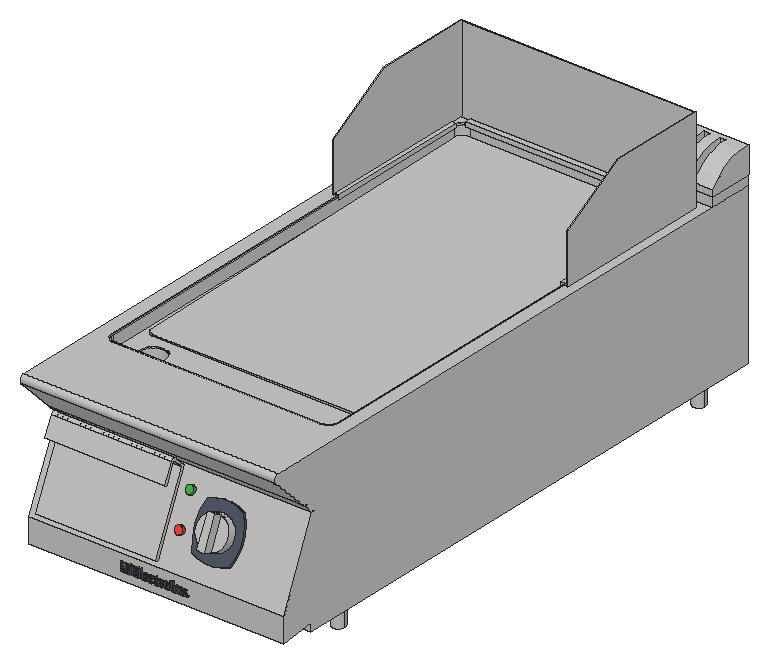
Revit family "QF_ELECTROLUXPROFESSIONAL_391072_E9FTEDCS00", category Specialty Equipment, Revit 2018
Family settings
  Round Connector Dimension = Use Diameter
  Part Type = Normal
  Work Plane-Based = No
  Always vertical = Yes
  Cut with Voids When Loaded = No
  Shared = No
  Room Calculation Point = No
Parameters
  Width = 400 mm  # constant formula
  Weight in Pounds = 55  # constant formula
  Watts = 0 W
  Volts = 400 V  # constant formula
  URL Cutsheet = "www.electrolux.com"
  URL = "www.electrolux.com"
  Type Mark [instance] = ""
  Status [instance] = ""
  Specification by User [instance] = ""
  Specification by Manufacturer = ""
  Show Logo [instance] = yes
  Show Clearance [instance] = yes
  Serial Number = ""
  Seismic Rating = ""
  SMACNA No = ""
  Revision Code [instance] = ""
  Phase = 3
  Omniclass Number and Title = ""
  Number of Poles [instance] = 1
  NAFEM Spec ID Number = ""
  Model = "391072"
  Min Ckt Ampacity = 0 A
  Max Overcurrent Protection = 0 A
  Masterspec = ""
  Manufacturer = "ELECTROLUX"
  Item Number [instance] = ""
  Installed By [instance] = ""
  Identify Quantity as Lot [instance] = yes
  HP = "10.1 HP"
  Furnished By [instance] = ""
  Foodservice Equipment Identifier [instance] = yes
  FL Amps = if(Phase = 3, Watts / (Volts * 1.73), Watts / Volts)  # 0 A
  Electrical Remarks [instance] = "400 V/3N ph/50/60 Hz"  # constant formula
  Electric Connection Type [instance] = ""
  Elec Conn RI Height [instance] = 0 mm
  Elec Conn Connection Height [instance] = 0 mm
  Direct Waste Size = 0"
  Description = "900XP HALF MODULE ELECTRIC FRY TOP, SMOOTH SLOPED PLATE, CHROMIUM PLATED - 400V"
  Depth = 930 mm  # constant formula
  Cycle [instance] = if([60 Hertz Option], 60 Hz, 50 Hz)  # 60 Hz
  Conn Plug = ""
  Conn Conduit = yes
  CSI MasterFormat = ""
  CSI Master Format = ""
  Apparent Power = if(Phase = 3, Volts * FL Amps * 1.73, Volts * FL Amps)  # 0 VA
  60 Hertz Option [instance] = not([50 Hertz Option])  # yes
  50 Hertz Option [instance] = no
Reference planes
  plane 1 "BACK": y = 0
  plane 2: z = 0
  plane 3 "LEFT": x = 0
  plane 4 "RIGHT": x = 400
  plane 5 "FRONT": y = -930
  plane 6 "TOP": z = 275
  plane 7 "Center Y": x = 200
  plane 8 "Center X": y = -465
  plane 9: y = -1045
  plane 10: z = 24
  plane 11: z = 290
  plane 12: z = 410
  plane 13: x = 11
  plane 14: x = 389
  plane 15: y = -722.539
  plane 16: x = 340
Forms (mm)
  Extrusion 1, solid, material "QF_Finishes_Stainless Steel"
    sketch origin (0, 0, 0) x (0, 1, 0) y (0, 0, 1)
      loop
        line (0, 275) -> (-922.686, 275)
        arc (-922.686, 275) -> (-929.443, 270.485) -> (-927.858, 262.514) r 7.314
        line (-927.858, 262.514) -> (-873.907, 208.563) -> (-865.773, 208.563) -> (-865.773, 206.447) -> (-871.79, 206.447) -> (-858.907, 193.563) -> (-850.773, 193.563) -> (-850.773, 191.447) -> (-856.79, 191.447) -> (-913.146, 69.003) -> (-913.146, 30.903) -> (-859.774, 36.513) -> (-859.774, 24) -> (0, 24) -> (0, 275)
    from 0 to 400
  Extrusion 2, solid, material "QF_Finishes_Stainless Steel"
    sketch origin (0, -1, 0) x (1, 0, 0) y (0, 1, 0)
      loop
        circle (11, -82) r 9.525
      loop
        circle (11, -790) r 9.525
      loop
        circle (389, -82) r 9.525
      loop
        circle (389, -790) r 9.525
    from 0 to 24
  Extrusion 3, solid, material "QF_Finishes_Stainless Steel"
    sketch origin (0, 0, 0.362) x (0, 1, 0) y (0, 0, 1)
      loop
        line (0, 289.638) -> (0, 331.738)
        arc (0, 331.738) -> (-38.857, 324.552) -> (-69.85, 300.038) r 82.056
        line (-69.85, 300.038) -> (-69.85, 289.638) -> (0, 289.638)
    from 0 to 400.05
  Extrusion 4, void
    sketch origin (0, 0, 275) x (0, -1, 0) y (1, 0, 0)
      loop
        line (6.761, 29.703) -> (63.911, 29.703) -> (63.911, 38.999) -> (6.761, 38.999) -> (6.761, 29.703)
      loop
        line (63.911, 64.487) -> (6.761, 64.487) -> (6.761, 55.191) -> (63.911, 55.191) -> (63.911, 64.487)
      loop
        line (63.911, 89.975) -> (6.761, 89.975) -> (6.761, 80.68) -> (63.911, 80.68) -> (63.911, 89.975)
      loop
        line (63.911, 115.464) -> (6.761, 115.464) -> (6.761, 106.168) -> (63.911, 106.168) -> (63.911, 115.464)
      loop
        line (63.911, 140.952) -> (6.761, 140.952) -> (6.761, 131.656) -> (63.911, 131.656) -> (63.911, 140.952)
      loop
        line (63.911, 166.44) -> (6.761, 166.44) -> (6.761, 157.145) -> (63.911, 157.145) -> (63.911, 166.44)
      loop
        line (63.911, 191.929) -> (6.761, 191.929) -> (6.761, 182.633) -> (63.911, 182.633) -> (63.911, 191.929)
      loop
        line (63.911, 217.417) -> (6.761, 217.417) -> (6.761, 208.121) -> (63.911, 208.121) -> (63.911, 217.417)
      loop
        line (63.911, 242.905) -> (6.761, 242.905) -> (6.761, 233.61) -> (63.911, 233.61) -> (63.911, 242.905)
      loop
        line (63.911, 268.394) -> (6.761, 268.394) -> (6.761, 259.098) -> (63.911, 259.098) -> (63.911, 268.394)
      loop
        line (63.911, 293.882) -> (6.761, 293.882) -> (6.761, 284.586) -> (63.911, 284.586) -> (63.911, 293.882)
      loop
        line (63.911, 319.37) -> (6.761, 319.37) -> (6.761, 310.075) -> (63.911, 310.075) -> (63.911, 319.37)
      loop
        line (63.911, 344.859) -> (6.761, 344.859) -> (6.761, 335.563) -> (63.911, 335.563) -> (63.911, 344.859)
      loop
        line (63.911, 370.347) -> (6.761, 370.347) -> (6.761, 361.051) -> (63.911, 361.051) -> (63.911, 370.347)
    from 25.4 to 63.5
  Extrusion 5, solid, material "QF_Finishes_Stainless Steel"
    sketch origin (0, 0, 275) x (0, -1, 0) y (1, 0, 0)
      loop
        line (69.85, 0) -> (69.85, 400) -> (0, 400) -> (0, 0) -> (69.85, 0)
    from 0 to 15
  Extrusion 6, solid, material "QF_Finishes_Stainless Steel"
    sketch origin (635, 190.152, 275) x (0, -1, 0) y (1, 0, 0)
      loop
        line (273.542, -252.03) -> (273.542, -617.97) -> (275.13, -617.97) -> (275.13, -252.03) -> (273.542, -252.03)
    from 0 to 135
  Extrusion 7, void
    sketch origin (0, 0, 275) x (0, -1, 0) y (1, 0, 0)
      loop
        arc (92.539, 37.03) -> (96.932, 26.423) -> (107.539, 22.03) r 15
        line (107.539, 22.03) -> (777.539, 22.03)
        arc (777.539, 22.03) -> (788.145, 26.423) -> (792.539, 37.03) r 15
        line (792.539, 37.03) -> (792.539, 362.97)
        arc (792.539, 362.97) -> (788.145, 373.577) -> (777.539, 377.97) r 15
        line (777.539, 377.97) -> (107.539, 377.97)
        arc (107.539, 377.97) -> (96.932, 373.577) -> (92.539, 362.97) r 15
        line (92.539, 362.97) -> (92.539, 37.03)
    from 0 to -21.588
  Sweep 8, solid, material "QF_Finishes_Stainless Steel"
    path origin (0, 0, 0) x (1, 0, 0) y (0, 1, 0)
      loop
        line (22.03, -107.539) -> (22.03, -777.539)
        arc (22.03, -777.539) -> (26.423, -788.145) -> (37.03, -792.539) r 15
        line (37.03, -792.539) -> (362.97, -792.539)
        arc (362.97, -792.539) -> (373.577, -788.145) -> (377.97, -777.539) r 15
        line (377.97, -777.539) -> (377.97, -107.539)
        arc (377.97, -107.539) -> (373.577, -96.932) -> (362.97, -92.539) r 15
        line (362.97, -92.539) -> (37.03, -92.539)
        arc (37.03, -92.539) -> (26.423, -96.932) -> (22.03, -107.539) r 15
    profile origin (22.03, -442.539, 0) x (1, 0, 0) y (0, 0, 1)
      loop
        line (0, 255) -> (1.588, 255) -> (1.588, 272.855)
        arc (1.588, 272.855) -> (1.147, 274.189) -> (0, 275) r 2.242
        line (0, 275) -> (0, 255)
  Extrusion 9, solid, material "QF_Finishes_Stainless Steel"
    sketch origin (0, 0, 0) x (1, 0, 0) y (0, 0, 1)
      loop
        line (17.03, 275.856) -> (23.926, 275.856) -> (23.926, 270.856) -> (25.514, 270.856) -> (25.514, 277.444) -> (17.03, 277.444) -> (17.03, 275.856)
      loop
        line (382.97, 275.856) -> (382.97, 277.444) -> (374.486, 277.444) -> (374.486, 270.856) -> (376.074, 270.856) -> (376.074, 275.856) -> (382.97, 275.856)
    from 105.541 to 335.39
  Extrusion 10, solid, material "QF_Finishes_Stainless Steel"
    sketch origin (0, 0, 0) x (0, 1, 0) y (0, 0, 1)
      loop
        line (-94.126, 270.856) -> (-94.126, 275.856) -> (-84.978, 275.856) -> (-84.978, 277.444) -> (-95.714, 277.444) -> (-95.714, 270.856) -> (-94.126, 270.856)
    from 32.03 to 367.97
  Extrusion 11, solid, material "QF_Finishes_Stainless Steel"
    sketch origin (0, -101.6, 24) x (-1, 0, 0) y (0, 1, 0)
      loop
        circle (-340, -483.4) r 6.35
    from 0 to 5
  Extrusion 12, solid, material "QF_Clearances", visible <- "Show Clearance", detail levels coarse
    sketch origin (0, 0, 0) x (1, 0, 0) y (0, 1, 0)
      loop
        line (0, 0) -> (400, 0) -> (400, -930) -> (500, -930) -> (500, 100) -> (-100, 100) -> (-100, -930) -> (0, -930) -> (0, 0)
    from 0 to 410
  Extrusion 13, solid, material "QF_Finishes_Stainless Steel"
    sketch origin (0, 0, 0) x (0, 1, 0) y (0, 0, 1)
      loop
        line (-792.539, 255) -> (-792.539, 253.413) -> (-92.539, 253.413) -> (-92.539, 255) -> (-792.539, 255)
    from 22.03 to 377.97
  Extrusion 14, solid, material "QF_Finishes_Stainless Steel"
    sketch origin (100, 0, 0) x (0, 1, 0) y (0, 0, 1)
      loop
        line (-858.205, 188.372) -> (-874.612, 204.778)
        arc (-874.612, 204.778) -> (-879.079, 206.181) -> (-882.783, 203.316) r 5.058
        line (-882.783, 203.316) -> (-895.445, 175.806) -> (-892.561, 174.479) -> (-879.899, 201.989)
        arc (-879.899, 201.989) -> (-878.52, 203.055) -> (-876.857, 202.533) r 1.883
        line (-876.857, 202.533) -> (-862.014, 187.69) -> (-912.848, 77.245) -> (-909.964, 75.918) -> (-858.205, 188.372)
    from -89 to 100
  Extrusion 15, solid, material "QF_Door-Drawer Clearances", visible <- "Show Clearance", detail levels coarse
    sketch origin (100, 0, 0) x (0, 1, 0) y (0, 0, 1)
      loop
        line (-1024.713, 174.479) -> (-1012.051, 201.989)
        arc (-1012.051, 201.989) -> (-1010.672, 203.055) -> (-1009.009, 202.533) r 1.883
        line (-1009.009, 202.533) -> (-994.166, 187.69) -> (-1045, 77.245) -> (-1042.116, 75.918) -> (-909.964, 75.918) -> (-858.205, 188.372) -> (-874.612, 204.778)
        arc (-874.612, 204.778) -> (-875.847, 205.685) -> (-877.298, 206.181) r 5.058
        line (-877.298, 206.181) -> (-1011.231, 206.181)
        arc (-1011.231, 206.181) -> (-1013.435, 205.203) -> (-1014.935, 203.316) r 5.058
        line (-1014.935, 203.316) -> (-1027.597, 175.806) -> (-1024.713, 174.479)
    from -89 to 100
  Extrusion 16, void
    sketch origin (0, 0, 0) x (1, 0, 0) y (0, 1, 0)
      loop
        circle (71.879, -758.736) r 20
    from 235.859 to 256.719
  Extrusion 17, solid, material "QF_Finishes_Stainless Steel"
    sketch origin (0, 0, 0) x (0, 1, 0) y (0, 0, 1)
      loop
        line (-83.39, 410) -> (-235.39, 410) -> (-335.39, 352.265) -> (-335.39, 275) -> (-83.39, 275) -> (-83.39, 410)
    from 15.442 to 17.03
  Extrusion 18, solid, material "QF_Finishes_Stainless Steel"
    sketch origin (400, 0, 0) x (0, 1, 0) y (0, 0, -1)
      loop
        line (-83.39, -410) -> (-83.39, -275) -> (-335.39, -275) -> (-335.39, -352.265) -> (-235.39, -410) -> (-83.39, -410)
    from 15.442 to 17.03
  Extrusion 19, solid, material "QF_Finishes_Navy Blue"
    sketch origin (115.456, -912.449, 70.59) x (0, 0.419232, 0.907879) y (-1, 0, 0)
      loop
        arc (102.26, -132.62) -> (66.843, -125.139) -> (31.333, -132.16) r 90.355
        arc (31.333, -132.16) -> (24.504, -161.269) -> (31.333, -190.378) r 65.456
        arc (31.333, -190.378) -> (66.877, -199.452) -> (102.26, -189.765) r 71.728
        arc (102.26, -189.765) -> (108.852, -161.193) -> (102.26, -132.62) r 65.22
    from 0 to 3.175
  Extrusion 20, solid, material "QF_Finishes_Stainless Steel"
    sketch origin (115.456, -916.163, 70.121) x (0, 0.419232, 0.907879) y (-1, 0, 0)
      loop
        circle (68.826, -160.963) r 25.4
    from 0 to 12.7
  Extrusion 21, solid, material "QF_Finishes_Stainless Steel"
    sketch origin (115.456, -927.693, 75.445) x (0, 0.419232, 0.907879) y (-1, 0, 0)
      loop
        arc (93.558, -166.749) -> (94.226, -160.963) -> (93.558, -155.177) r 25.4
        line (93.558, -155.177) -> (44.094, -155.177)
        arc (44.094, -155.177) -> (43.426, -160.963) -> (44.094, -166.749) r 25.4
        line (44.094, -166.749) -> (93.558, -166.749)
    from 0 to 12.7
  Extrusion 22, solid, material "QF_Finishes_Navy Blue", visible <- "Show Logo"
    sketch origin (-142.26, -913.146, 37.253) x (0, 0, 1) y (-1, 0, 0)
      loop
        line (20.674, -296.698) -> (8.307, -296.698)
        arc (8.307, -296.698) -> (14.491, -301.27) -> (20.674, -296.698) r 6.467
      loop
        arc (20.674, -296.069) -> (19.505, -290.926) -> (14.849, -288.448) r 6.338
        line (14.849, -288.448) -> (14.849, -290.494)
        arc (14.849, -290.494) -> (16.333, -294.149) -> (19.778, -296.069) r 5.941
        line (19.778, -296.069) -> (20.674, -296.069)
      loop
        arc (9.203, -296.069) -> (12.648, -294.149) -> (14.132, -290.494) r 5.941
        line (14.132, -290.494) -> (14.132, -288.448)
        arc (14.132, -288.448) -> (9.438, -290.922) -> (8.148, -296.069) r 6.504
        line (8.148, -296.069) -> (9.203, -296.069)
      loop
        line (21.349, -287.979) -> (7.604, -287.979) -> (7.604, -301.742) -> (21.349, -301.742) -> (21.349, -287.979)
      loop
        arc (21.432, -304.71) -> (21.085, -304.352) -> (20.718, -304.69) r 0.358
        arc (20.718, -304.69) -> (20.404, -305.44) -> (19.687, -305.825) r 1.216
        line (19.687, -305.825) -> (9.274, -305.825)
        arc (9.274, -305.825) -> (8.614, -305.548) -> (8.218, -304.951) r 1.238
        arc (8.218, -304.951) -> (7.823, -304.7) -> (7.518, -305.054) r 0.358
        line (7.518, -305.054) -> (7.518, -314.933) -> (10.269, -314.933) -> (10.269, -314.036)
        arc (10.269, -314.036) -> (9.36, -313.456) -> (8.904, -312.479) r 1.928
        line (8.904, -312.479) -> (8.904, -309.98)
        arc (8.904, -309.98) -> (9.18, -309.251) -> (9.868, -308.887) r 1.101
        line (9.868, -308.887) -> (13.955, -308.887) -> (13.955, -312.561)
        arc (13.955, -312.561) -> (13.602, -313.058) -> (13.037, -313.286) r 1.083
        arc (13.037, -313.286) -> (12.773, -313.591) -> (13.065, -313.869) r 0.292
        line (13.065, -313.869) -> (16.028, -313.869)
        arc (16.028, -313.869) -> (16.33, -313.596) -> (16.092, -313.266) r 0.305
        arc (16.092, -313.266) -> (15.601, -313.018) -> (15.296, -312.561) r 1.083
        line (15.296, -312.561) -> (15.296, -308.887) -> (19.973, -308.887) -> (19.973, -312.635)
        arc (19.973, -312.635) -> (19.759, -313.39) -> (19.153, -313.888) r 1.314
        arc (19.153, -313.888) -> (18.934, -314.292) -> (19.288, -314.585) r 0.361
        line (19.288, -314.585) -> (21.432, -314.585) -> (21.432, -304.71)
      loop
        arc (20.715, -315.365) -> (20.335, -316.284) -> (19.416, -316.664) r 1.299
        line (19.416, -316.664) -> (9.837, -316.664)
        arc (9.837, -316.664) -> (8.999, -316.286) -> (8.728, -315.408) r 1.118
        line (8.728, -315.408) -> (7.518, -315.408) -> (7.518, -320.758) -> (8.706, -320.758)
        arc (8.706, -320.758) -> (8.978, -319.841) -> (9.848, -319.445) r 1.153
        line (9.848, -319.445) -> (21.92, -319.445) -> (20.715, -315.365)
      loop
        line (12.483, -323.394) -> (12.483, -329.842) -> (13.282, -329.842)
        arc (13.282, -329.842) -> (15.862, -328.857) -> (17.131, -326.404) r 3.874
        line (17.131, -326.404) -> (17.131, -324.643)
        arc (17.131, -324.643) -> (15.944, -321.778) -> (13.08, -320.592) r 4.051
        line (13.08, -320.592) -> (11.072, -320.592)
        arc (11.072, -320.592) -> (8.253, -322.077) -> (7.202, -325.084) r 4.352
        arc (7.202, -325.084) -> (7.566, -327.547) -> (8.943, -329.621) r 5.713
        line (8.943, -329.621) -> (9.892, -329.621)
        arc (9.892, -329.621) -> (9.16, -328.052) -> (8.943, -326.334) r 5.579
        arc (8.943, -326.334) -> (9.737, -324.371) -> (11.616, -323.394) r 3.057
        line (11.616, -323.394) -> (12.483, -323.394)
      loop
        line (13.742, -323.394) -> (13.742, -326.977)
        arc (13.742, -326.977) -> (15.199, -327.024) -> (16.082, -325.864) r 1.59
        line (16.082, -325.864) -> (16.082, -325.034)
        arc (16.082, -325.034) -> (15.217, -323.779) -> (13.742, -323.394) r 2.184
      loop
        arc (16.533, -339.259) -> (17.022, -337.585) -> (17.179, -335.848) r 9.023
        line (17.179, -335.848) -> (17.179, -334.486)
        arc (17.179, -334.486) -> (16.02, -331.686) -> (13.22, -330.527) r 3.959
        line (13.22, -330.527) -> (10.62, -330.527)
        arc (10.62, -330.527) -> (8.338, -331.819) -> (7.221, -334.192) r 4.331
        line (7.221, -334.192) -> (7.221, -336.327)
        arc (7.221, -336.327) -> (7.729, -337.877) -> (8.651, -339.223) r 5.772
        arc (8.651, -339.223) -> (9.412, -339.274) -> (9.499, -338.515) r 0.553
        arc (9.499, -338.515) -> (9.111, -337.781) -> (8.977, -336.962) r 2.573
        line (8.977, -336.962) -> (8.977, -335.447)
        arc (8.977, -335.447) -> (9.983, -333.806) -> (11.798, -333.163) r 2.884
        line (11.798, -333.163) -> (13.077, -333.163)
        arc (13.077, -333.163) -> (14.898, -333.723) -> (15.824, -335.388) r 2.554
        line (15.824, -335.388) -> (15.824, -336.441)
        arc (15.824, -336.441) -> (15.493, -337.369) -> (14.836, -338.104) r 2.564
        arc (14.836, -338.104) -> (14.614, -338.821) -> (15.223, -339.259) r 0.643
        line (15.223, -339.259) -> (16.533, -339.259)
      loop
        line (15.515, -339.53) -> (15.515, -341.031) -> (9.467, -341.031)
        arc (9.467, -341.031) -> (7.879, -341.688) -> (7.221, -343.276) r 2.246
        line (7.221, -343.276) -> (7.221, -344.86)
        arc (7.221, -344.86) -> (7.535, -345.725) -> (8.035, -346.496) r 4.06
        arc (8.035, -346.496) -> (8.768, -346.629) -> (9.019, -345.928) r 0.576
        arc (9.019, -345.928) -> (8.913, -345.403) -> (8.977, -344.87) r 1.69
        arc (8.977, -344.87) -> (9.519, -344.082) -> (10.425, -343.779) r 1.506
        line (10.425, -343.779) -> (15.563, -343.779) -> (15.563, -346.176) -> (16.119, -346.733) -> (16.941, -346.733) -> (16.941, -343.873) -> (20.172, -343.873) -> (15.515, -339.53)
      loop
        line (7.438, -347.63) -> (7.438, -353.017) -> (8.548, -353.017)
        arc (8.548, -353.017) -> (8.942, -352.066) -> (9.893, -351.672) r 1.345
        line (9.893, -351.672) -> (13.509, -351.672)
        arc (13.509, -351.672) -> (14.274, -352.264) -> (14.564, -353.186) r 1.615
        line (14.564, -353.186) -> (14.564, -354.742) -> (17.119, -355.427) -> (17.119, -354.044) -> (15.177, -351.485) -> (17.057, -351.485) -> (16.773, -348.779)
        arc (16.773, -348.779) -> (16.333, -348.249) -> (15.674, -348.45) r 0.621
        arc (15.674, -348.45) -> (15.274, -348.792) -> (14.78, -348.975) r 1.501
        line (14.78, -348.975) -> (9.893, -348.975)
        arc (9.893, -348.975) -> (8.942, -348.581) -> (8.548, -347.63) r 1.345
        line (8.548, -347.63) -> (7.438, -347.63)
      loop
        line (13.54, -354.964) -> (10.848, -354.964)
        arc (10.848, -354.964) -> (8.403, -356.272) -> (7.269, -358.803) r 4.288
        arc (7.269, -358.803) -> (7.205, -360.183) -> (7.269, -361.563) r 15.022
        arc (7.269, -361.563) -> (8.403, -364.094) -> (10.848, -365.401) r 4.288
        line (10.848, -365.401) -> (13.54, -365.401)
        arc (13.54, -365.401) -> (15.986, -364.094) -> (17.119, -361.563) r 4.288
        arc (17.119, -361.563) -> (17.183, -360.183) -> (17.119, -358.803) r 15.022
        arc (17.119, -358.803) -> (15.986, -356.272) -> (13.54, -354.964) r 4.288
      loop
        line (13.745, -358.078) -> (10.643, -358.078)
        arc (10.643, -358.078) -> (8.486, -360.235) -> (10.643, -362.392) r 2.157
        line (10.643, -362.392) -> (13.745, -362.392)
        arc (13.745, -362.392) -> (15.902, -360.235) -> (13.745, -358.078) r 2.157
      loop
        arc (20.726, -365.26) -> (20.355, -366.154) -> (19.461, -366.524) r 1.264
        line (19.461, -366.524) -> (9.597, -366.524)
        arc (9.597, -366.524) -> (8.727, -366.127) -> (8.455, -365.211) r 1.153
        line (8.455, -365.211) -> (7.518, -365.211) -> (7.518, -370.319) -> (8.446, -370.319)
        arc (8.446, -370.319) -> (8.805, -369.547) -> (9.597, -369.232) r 1.153
        line (9.597, -369.232) -> (21.92, -369.232) -> (20.726, -365.26)
      loop
        arc (15.846, -369.857) -> (15.647, -370.921) -> (14.678, -371.403) r 1.215
        line (14.678, -371.403) -> (9.658, -371.403)
        arc (9.658, -371.403) -> (8.043, -372.051) -> (7.322, -373.634) r 2.338
        line (7.322, -373.634) -> (7.322, -375.148)
        arc (7.322, -375.148) -> (7.497, -376.152) -> (7.999, -377.038) r 2.979
        line (7.999, -377.038) -> (7.518, -378.835) -> (7.518, -380.524) -> (16.943, -380.524) -> (16.649, -376.32) -> (15.863, -376.32)
        arc (15.863, -376.32) -> (15.507, -377.156) -> (14.755, -377.665) r 1.605
        line (14.755, -377.665) -> (9.652, -377.665)
        arc (9.652, -377.665) -> (9.232, -376.728) -> (9.159, -375.704) r 2.94
        arc (9.159, -375.704) -> (9.72, -374.603) -> (10.873, -374.16) r 1.724
        line (10.873, -374.16) -> (17.07, -374.16) -> (15.846, -369.857)
      loop
        line (16.874, -381.377) -> (15.202, -383.423) -> (12.028, -385.729) -> (8.572, -382.617)
        arc (8.572, -382.617) -> (8.335, -382.223) -> (8.357, -381.764) r 0.789
        line (8.357, -381.764) -> (7.518, -381.764) -> (7.518, -385.309) -> (8.344, -385.309)
        arc (8.344, -385.309) -> (8.686, -384.947) -> (9.176, -385.039) r 0.52
        line (9.176, -385.039) -> (10.976, -386.51) -> (8.858, -387.886)
        arc (8.858, -387.886) -> (8.457, -387.576) -> (8.37, -387.076) r 0.7
        line (8.37, -387.076) -> (7.518, -387.076) -> (7.518, -393.003) -> (8.405, -393.003)
        arc (8.405, -393.003) -> (8.472, -392.344) -> (8.866, -391.813) r 1.247
        line (8.866, -391.813) -> (13.066, -388.532) -> (15.513, -390.585) -> (16.874, -392.327) -> (16.874, -388.604) -> (15.389, -389.026) -> (13.868, -387.749) -> (15.568, -386.559) -> (16.874, -387.336) -> (16.874, -381.377)
    from 0 to 1.644
  Extrusion 23, solid, material "QF_Finishes_Green"
    sketch origin (129.198, -908.494, 79.155) x (0, 0.419232, 0.907879) y (-1, 0, 0)
      loop
        circle (94.749, -90.848) r 6.35
    from 0 to 3.175
  Extrusion 24, solid, material "QF_Finishes_Red"
    sketch origin (129.198, -930.457, 31.593) x (0, 0.419232, 0.907879) y (-1, 0, 0)
      loop
        circle (95.112, -90.848) r 6.35
    from 0 to 3.175
  Extrusion 25, solid, material "QF_Finishes_Stainless Steel"
    sketch origin (0, 0, 0) x (0, 1, 0) y (0, 0, 1)
      loop
        line (-722.539, 256.999) -> (-722.539, 255) -> (-105.406, 255) -> (-105.406, 265.217) -> (-722.539, 256.999)
    from 32.03 to 367.97
  Extrusion 26, void
    sketch origin (0, 0, 0) x (1, 0, 0) y (0, 1, 0)
      loop
        line (32.03, -712.539) -> (32.03, -722.539) -> (42.03, -722.539)
        arc (42.03, -722.539) -> (34.958, -719.61) -> (32.03, -712.539) r 10
      loop
        arc (367.97, -712.539) -> (365.042, -719.61) -> (357.97, -722.539) r 10
        line (357.97, -722.539) -> (367.97, -722.539) -> (367.97, -712.539)
      loop
        arc (32.03, -115.406) -> (34.958, -108.335) -> (42.03, -105.406) r 10
        line (42.03, -105.406) -> (32.03, -105.406) -> (32.03, -115.406)
      loop
        line (367.97, -115.406) -> (367.97, -105.406) -> (357.97, -105.406)
        arc (357.97, -105.406) -> (365.042, -108.335) -> (367.97, -115.406) r 10
    from 255 to 270.856
Cuts and joins
  Extrusion 4 cuts Extrusion 3
  Extrusion 7, Extrusion 16 cuts Extrusion 1
  Extrusion 16 cuts Extrusion 13
  Extrusion 26 cuts Extrusion 25
Lines and regions (mm)
  symbolic lines, style "QF_Clearances", visible <- "Show Clearance", detail levels coarse
    curve 1: line (500, -930, 0) -> (500, 100, 0)
    curve 2: line (500, 100, 0) -> (-100, 100, 0)
    curve 3: line (-100, 100, 0) -> (-100, -930, 0)
  symbolic lines, style "QF_Door-Drawer Clearances"
    curve 4: line (11, -930, 0) -> (11, -1045, 0)
    curve 5: line (11, -1045, 0) -> (200, -1045, 0)
    curve 6: line (200, -930, 0) -> (200, -1045, 0)
  symbolic lines
    curve 7: line (0, -930, 0) -> (400, -930, 0)
    curve 8: line (400, -930, 0) -> (400, 0, 0)
    curve 9: line (400, 0, 0) -> (0, 0, 0)
    curve 10: line (0, 0, 0) -> (0, -930, 0)
    curve 11: line (362.97, -792.539, 0) -> (37.03, -792.539, 0)
    curve 12: arc (37.03, -792.539, 0) -> (26.423, -788.145, 0) -> (22.03, -777.539, 0) r 15
    curve 13: line (22.03, -777.539, 0) -> (22.03, -335.39, 0)
    curve 14: arc (22.163, -105.541, 0) -> (25.387, -98.081, 0) -> (32.03, -93.397, 0) r 15
    curve 15: arc (367.97, -93.397, 0) -> (374.613, -98.081, 0) -> (377.837, -105.541, 0) r 15
    curve 16: line (377.97, -335.39, 0) -> (377.97, -777.539, 0)
    curve 17: arc (377.97, -777.539, 0) -> (373.577, -788.145, 0) -> (362.97, -792.539, 0) r 15
    curve 18: line (357.97, -722.539, 0) -> (42.03, -722.539, 0)
    curve 19: arc (42.03, -722.539, 0) -> (34.958, -719.61, 0) -> (32.03, -712.539, 0) r 10
    curve 20: line (32.03, -712.539, 0) -> (32.03, -115.406, 0)
    curve 21: arc (32.03, -115.406, 0) -> (34.958, -108.335, 0) -> (42.03, -105.406, 0) r 10
    curve 22: line (42.03, -105.406, 0) -> (357.97, -105.406, 0)
    curve 23: arc (357.97, -105.406, 0) -> (365.042, -108.335, 0) -> (367.97, -115.406, 0) r 10
    curve 24: line (367.97, -115.406, 0) -> (367.97, -712.539, 0)
    curve 25: arc (367.97, -712.539, 0) -> (365.042, -719.61, 0) -> (357.97, -722.539, 0) r 10
    curve 26: line (15.442, -83.39, 0) -> (15.442, -335.39, 0)
    curve 27: line (384.558, -83.39, 0) -> (15.442, -83.39, 0)
    curve 28: line (384.558, -335.39, 0) -> (384.558, -83.39, 0)
    curve 29: line (367.97, -95.714, 0) -> (367.97, -83.39, 0)
    curve 30: line (32.03, -95.714, 0) -> (367.97, -95.714, 0)
    curve 31: line (32.03, -83.39, 0) -> (32.03, -95.714, 0)
    curve 32: line (384.558, -105.541, 0) -> (374.486, -105.541, 0)
    curve 33: line (25.514, -335.39, 0) -> (25.514, -105.541, 0)
    curve 34: line (15.442, -335.39, 0) -> (25.514, -335.39, 0)
    curve 35: line (374.486, -105.541, 0) -> (374.486, -335.39, 0)
    curve 36: line (374.486, -335.39, 0) -> (384.558, -335.39, 0)
    curve 37: line (25.514, -105.541, 0) -> (15.442, -105.541, 0)
    curve 38: line (38.999, -6.761, 0) -> (38.999, -63.911, 0)
    curve 39: line (38.999, -63.911, 0) -> (29.703, -63.911, 0)
    curve 40: line (29.703, -63.911, 0) -> (29.703, -6.761, 0)
    curve 41: line (29.703, -6.761, 0) -> (38.999, -6.761, 0)
    curve 42: line (55.191, -63.911, 0) -> (55.191, -6.761, 0)
    curve 43: line (55.191, -6.761, 0) -> (64.487, -6.761, 0)
    curve 44: line (64.487, -6.761, 0) -> (64.487, -63.911, 0)
    curve 45: line (64.487, -63.911, 0) -> (55.191, -63.911, 0)
    curve 46: line (89.975, -6.761, 0) -> (89.975, -63.911, 0)
    curve 47: line (89.975, -63.911, 0) -> (80.68, -63.911, 0)
    curve 48: line (80.68, -63.911, 0) -> (80.68, -6.761, 0)
    curve 49: line (80.68, -6.761, 0) -> (89.975, -6.761, 0)
    curve 50: line (115.464, -6.761, 0) -> (115.464, -63.911, 0)
    curve 51: line (115.464, -63.911, 0) -> (106.168, -63.911, 0)
    curve 52: line (106.168, -63.911, 0) -> (106.168, -6.761, 0)
    curve 53: line (106.168, -6.761, 0) -> (115.464, -6.761, 0)
    curve 54: line (140.952, -6.761, 0) -> (140.952, -63.911, 0)
    curve 55: line (140.952, -63.911, 0) -> (131.656, -63.911, 0)
    curve 56: line (131.656, -63.911, 0) -> (131.656, -6.761, 0)
    curve 57: line (131.656, -6.761, 0) -> (140.952, -6.761, 0)
    curve 58: line (166.44, -6.761, 0) -> (166.44, -63.911, 0)
    curve 59: line (166.44, -63.911, 0) -> (157.145, -63.911, 0)
    curve 60: line (157.145, -63.911, 0) -> (157.145, -6.761, 0)
    curve 61: line (157.145, -6.761, 0) -> (166.44, -6.761, 0)
    curve 62: line (191.929, -6.761, 0) -> (191.929, -63.911, 0)
    curve 63: line (191.929, -63.911, 0) -> (182.633, -63.911, 0)
    curve 64: line (182.633, -63.911, 0) -> (182.633, -6.761, 0)
    curve 65: line (182.633, -6.761, 0) -> (191.929, -6.761, 0)
    curve 66: line (208.121, -63.911, 0) -> (208.121, -6.761, 0)
    curve 67: line (208.121, -6.761, 0) -> (217.417, -6.761, 0)
    curve 68: line (217.417, -6.761, 0) -> (217.417, -63.911, 0)
    curve 69: line (217.417, -63.911, 0) -> (208.121, -63.911, 0)
    curve 70: line (367.97, -83.39, 0) -> (367.97, -95.714, 0)
    curve 71: line (361.001, -6.761, 0) -> (361.001, -63.911, 0)
    curve 72: line (361.001, -63.911, 0) -> (370.297, -63.911, 0)
    curve 73: line (370.297, -63.911, 0) -> (370.297, -6.761, 0)
    curve 74: line (370.297, -6.761, 0) -> (361.001, -6.761, 0)
    curve 75: line (344.809, -63.911, 0) -> (344.809, -6.761, 0)
    curve 76: line (344.809, -6.761, 0) -> (335.513, -6.761, 0)
    curve 77: line (335.513, -6.761, 0) -> (335.513, -63.911, 0)
    curve 78: line (335.513, -63.911, 0) -> (344.809, -63.911, 0)
    curve 79: line (310.025, -6.761, 0) -> (310.025, -63.911, 0)
    curve 80: line (310.025, -63.911, 0) -> (319.32, -63.911, 0)
    curve 81: line (319.32, -63.911, 0) -> (319.32, -6.761, 0)
    curve 82: line (319.32, -6.761, 0) -> (310.025, -6.761, 0)
    curve 83: line (284.536, -6.761, 0) -> (284.536, -63.911, 0)
    curve 84: line (284.536, -63.911, 0) -> (293.832, -63.911, 0)
    curve 85: line (293.832, -63.911, 0) -> (293.832, -6.761, 0)
    curve 86: line (293.832, -6.761, 0) -> (284.536, -6.761, 0)
    curve 87: line (259.048, -6.761, 0) -> (259.048, -63.911, 0)
    curve 88: line (259.048, -63.911, 0) -> (268.344, -63.911, 0)
    curve 89: line (268.344, -63.911, 0) -> (268.344, -6.761, 0)
    curve 90: line (268.344, -6.761, 0) -> (259.048, -6.761, 0)
    curve 91: line (233.56, -6.761, 0) -> (233.56, -63.911, 0)
    curve 92: line (233.56, -63.911, 0) -> (242.855, -63.911, 0)
    curve 93: line (242.855, -63.911, 0) -> (242.855, -6.761, 0)
    curve 94: line (242.855, -6.761, 0) -> (233.56, -6.761, 0)
    curve 95: arc (51.879, -758.736, 0) -> (71.879, -738.736, 0) -> (91.879, -758.736, 0) r 20
    curve 96: arc (51.879, -758.736, 0) -> (71.879, -778.736, 0) -> (91.879, -758.736, 0) r 20
    curve 97: line (0, -69.85, 0) -> (400, -69.85, 0)
Dimensions and locks
  equal spacing: plane 3 "LEFT", plane 7 "Center Y", plane 4 "RIGHT"
  "Width": plane 3 "LEFT" to plane 4 "RIGHT"
  equal spacing: plane 5 "FRONT", plane 8 "Center X", plane 1 "BACK"
  "Depth": plane 5 "FRONT" to plane 1 "BACK"
  plane 6 "TOP" to level = 275 mm
  plane 1 "BACK" to plane 9 = 1045 mm  (x2)
  plane 10 to level = 24 mm  (x2)
  plane 11 to plane 10 = 266 mm
  plane 6 "TOP" to plane 10 = 251 mm
  plane 12 to level = 410 mm  (x2)
  plane 12 to plane 10 = 386 mm  (x2)
  plane 13 to plane 3 "LEFT" = 11 mm
  locked: plane 14 to plane 4 "RIGHT" at 11
  plane 1 "BACK" to plane 5 "FRONT" = 930 mm
  Extrusion 11 to plane 10 = 5 mm
  plane 1 "BACK" to Extrusion 11 = 585 mm
  plane 1 "BACK" to Extrusion 2 to Extrusion 2 to plane 5 "FRONT" = 83 mm, 708 mm, 139 mm
  plane 13 to plane 14 = 378 mm
  plane 1 "BACK" to curve 2 = 100 mm
  plane 4 "RIGHT" to curve 1 = 100 mm
  curve 3 to plane 3 "LEFT" = 100 mm
  Extrusion 11 sketch curve to plane 4 "RIGHT" = 60 mm
  plane 4 "RIGHT" to plane 16 = 60 mm
  aligned and locked: level to plane 2
  aligned and locked: Extrusion 1 to plane 4 "RIGHT"
Automatic sketch dimensions
  Extrusion 1 sketch curve to plane 6 "TOP" = 0 mm
  Extrusion 1 sketch curve to plane 10 = 0 mm
  Extrusion 1 sketch curve to plane 1 "BACK" = 0 mm
  Extrusion 1 sketch curve to plane 5 "FRONT" = 79.227 mm
  Extrusion 1 sketch curve to Extrusion 1 sketch curve = 6.017 mm  (x2)
  Extrusion 1 sketch curve to Extrusion 1 sketch curve = 2.117 mm  (x4)
  plane 10 to Extrusion 1 sketch curve = 12.513 mm
  Extrusion 1 sketch curve to plane 5 "FRONT" = 70.226 mm
  Extrusion 1 sketch curve to Extrusion 1 sketch curve = 6.866 mm
  Extrusion 1 sketch curve to plane 5 "FRONT" = 16.854 mm
  Extrusion 1 sketch curve to plane 5 "FRONT" = 7.314 mm
  Extrusion 1 sketch curve to plane 5 "FRONT" = 2.142 mm
  plane 10 to Extrusion 1 sketch curve = 6.903 mm
  Extrusion 1 sketch curve to Extrusion 1 sketch curve = 38.1 mm
  Extrusion 1 sketch curve to plane 6 "TOP" = 83.553 mm
  Extrusion 1 sketch curve to Extrusion 1 sketch curve = 12.883 mm
  Extrusion 1 sketch curve to plane 6 "TOP" = 12.486 mm
  Extrusion 2 sketch curve to plane 13 = 0 mm  (x2)
  Extrusion 2 sketch curve to plane 14 = 0 mm  (x2)
  Extrusion 2 sketch curve to plane 5 "FRONT" = 139 mm  (x2)
  plane 1 "BACK" to Extrusion 2 sketch curve = 83 mm  (x2)
  Extrusion 3 sketch curve to plane 11 = 0 mm
  Extrusion 3 sketch curve to plane 1 "BACK" = 0 mm
  plane 1 "BACK" to Extrusion 3 sketch curve = 4.947 mm
  plane 11 to Extrusion 3 sketch curve = 10.4 mm
  plane 1 "BACK" to Extrusion 3 sketch curve = 69.85 mm
  Extrusion 3 sketch curve to plane 6 "TOP" = 24.807 mm
  plane 1 "BACK" to Extrusion 4 sketch curve = 6.761 mm  (x14)
  plane 7 "Center Y" to Extrusion 4 sketch curve = 17.417 mm
  Extrusion 4 sketch curve to Extrusion 4 sketch curve = 57.15 mm
  Extrusion 4 sketch curve to plane 7 "Center Y" = 8.071 mm
  Extrusion 4 sketch curve to Extrusion 4 sketch curve = 0 mm  (x13)
  Extrusion 4 sketch curve to Extrusion 4 sketch curve = 9.296 mm  (x13)
  Extrusion 4 sketch curve to Extrusion 4 sketch curve = 16.193 mm  (x12)
  plane 7 "Center Y" to Extrusion 4 sketch curve = 8.121 mm
  plane 13 to Sweep 8 sketch curve = 11.03 mm
  Sweep 8 sketch curve to Sweep 8 sketch curve = 15 mm  (x2)
  plane 14 to Sweep 8 sketch curve = 26.03 mm  (x2)
  plane 14 to Sweep 8 sketch curve = 11.03 mm
  Sweep 8 sketch curve to plane 5 "FRONT" = 137.461 mm
  plane 1 "BACK" to Sweep 8 sketch curve = 107.539 mm
  profile plane to Sweep 8 sketch curve = 0 mm
  profile plane to Sweep 8 sketch curve = 0.655 mm
  Sweep 8 sketch curve to profile plane = 1.588 mm
  level to Sweep 8 sketch curve = 255 mm
  Sweep 8 sketch curve to Sweep 8 sketch curve = 17.855 mm
  plane 6 "TOP" to Extrusion 9 sketch curve = 0.856 mm  (x2)
  plane 13 to Extrusion 9 sketch curve = 6.03 mm
  Extrusion 9 sketch curve to plane 6 "TOP" = 4.144 mm  (x2)
  Extrusion 9 sketch curve to Extrusion 9 sketch curve = 6.896 mm
  Extrusion 9 sketch curve to Extrusion 9 sketch curve = 1.588 mm  (x3)
  plane 14 to Extrusion 9 sketch curve = 14.514 mm
  plane 6 "TOP" to Extrusion 9 sketch curve = 2.444 mm
  plane 14 to Extrusion 9 sketch curve = 6.03 mm
  plane 6 "TOP" to Extrusion 10 sketch curve = 2.444 mm
  plane 1 "BACK" to Extrusion 10 sketch curve = 95.714 mm
  Extrusion 10 sketch curve to Extrusion 10 sketch curve = 1.588 mm
  Extrusion 10 sketch curve to Extrusion 10 sketch curve = 9.149 mm
  plane 6 "TOP" to Extrusion 10 sketch curve = 0.856 mm
  Extrusion 10 sketch curve to plane 6 "TOP" = 4.144 mm
  Extrusion 13 sketch curve to plane 6 "TOP" = 21.587 mm
  Extrusion 13 sketch curve to plane 5 "FRONT" = 137.461 mm
  plane 1 "BACK" to Extrusion 13 sketch curve = 92.539 mm
  Extrusion 13 sketch curve to Extrusion 13 sketch curve = 1.587 mm
  Extrusion 13 sketch curve to plane 6 "TOP" = 20 mm
  Extrusion 14 sketch curve to Extrusion 14 sketch curve = 0 mm  (x2)
  Extrusion 14 sketch curve to plane 5 "FRONT" = 17.152 mm
  Extrusion 14 sketch curve to Extrusion 14 sketch curve = 2.884 mm  (x3)
  Extrusion 14 sketch curve to plane 5 "FRONT" = 34.555 mm
  Extrusion 14 sketch curve to Extrusion 14 sketch curve = 12.662 mm
  Extrusion 14 sketch curve to Extrusion 14 sketch curve = 1.711 mm
  Extrusion 14 sketch curve to Extrusion 14 sketch curve = 1.332 mm
  Extrusion 14 sketch curve to Extrusion 14 sketch curve = 2.245 mm
  Extrusion 14 sketch curve to Extrusion 14 sketch curve = 14.843 mm
  Extrusion 14 sketch curve to Extrusion 14 sketch curve = 3.809 mm
  plane 10 to Extrusion 14 sketch curve = 51.918 mm
  Extrusion 14 sketch curve to Extrusion 14 sketch curve = 1.327 mm  (x2)
  Extrusion 14 sketch curve to Extrusion 14 sketch curve = 13.211 mm
  Extrusion 14 sketch curve to Extrusion 14 sketch curve = 0.787 mm
  Extrusion 15 sketch curve to Extrusion 15 sketch curve = 0 mm  (x2)
  Extrusion 15 sketch curve to plane 9 = 0 mm
  plane 9 to Extrusion 15 sketch curve = 2.884 mm
  plane 9 to Extrusion 15 sketch curve = 17.403 mm
  Extrusion 15 sketch curve to Extrusion 15 sketch curve = 2.884 mm  (x2)
  plane 9 to Extrusion 15 sketch curve = 30.065 mm
  Extrusion 15 sketch curve to Extrusion 15 sketch curve = 0.82 mm
  Extrusion 15 sketch curve to Extrusion 15 sketch curve = 1.711 mm
  Extrusion 15 sketch curve to Extrusion 15 sketch curve = 1.332 mm
  Extrusion 15 sketch curve to Extrusion 15 sketch curve = 14.843 mm
  Extrusion 15 sketch curve to plane 5 "FRONT" = 20.036 mm
  Extrusion 15 sketch curve to plane 5 "FRONT" = 51.812 mm
  Extrusion 15 sketch curve to Extrusion 15 sketch curve = 0.891 mm
  Extrusion 15 sketch curve to Extrusion 15 sketch curve = 2.686 mm
  Extrusion 15 sketch curve to Extrusion 15 sketch curve = 16.406 mm
  plane 10 to Extrusion 15 sketch curve = 51.918 mm
  Extrusion 15 sketch curve to Extrusion 15 sketch curve = 1.327 mm  (x2)
  Extrusion 15 sketch curve to Extrusion 15 sketch curve = 13.211 mm
  Extrusion 15 sketch curve to plane 6 "TOP" = 86.628 mm
  Extrusion 15 sketch curve to Extrusion 15 sketch curve = 0.787 mm
  Extrusion 15 sketch curve to Extrusion 15 sketch curve = 4.979 mm
  Extrusion 17 sketch curve to plane 6 "TOP" = 0 mm
  Extrusion 17 sketch curve to plane 12 = 0 mm
  Extrusion 17 sketch curve to plane 12 = 57.735 mm
  plane 8 "Center X" to Extrusion 17 sketch curve = 129.61 mm
  Extrusion 17 sketch curve to Extrusion 17 sketch curve = 100 mm
  plane 1 "BACK" to Extrusion 17 sketch curve = 83.39 mm
  Extrusion 18 sketch curve to plane 6 "TOP" = 0 mm
  Extrusion 18 sketch curve to plane 12 = 0 mm
  Extrusion 18 sketch curve to plane 12 = 57.735 mm
  plane 8 "Center X" to Extrusion 18 sketch curve = 129.61 mm
  Extrusion 18 sketch curve to Extrusion 18 sketch curve = 100 mm
  plane 1 "BACK" to Extrusion 18 sketch curve = 83.39 mm
  plane 13 to Extrusion 16 sketch curve = 60.879 mm
  Extrusion 16 sketch curve to plane 5 "FRONT" = 171.264 mm
  plane 7 "Center Y" to Extrusion 19 sketch curve = 47.616 mm
  Extrusion 19 sketch curve to Extrusion 19 sketch curve = 0 mm
  Extrusion 19 sketch curve to Extrusion 19 sketch curve = 12.3 mm  (x3)
  Extrusion 19 sketch curve to Extrusion 19 sketch curve = 34.925 mm  (x2)
  Extrusion 19 sketch curve to Extrusion 19 sketch curve = 23.703 mm
  Extrusion 19 sketch curve to Extrusion 19 sketch curve = 0.46 mm
  Extrusion 19 sketch curve to Extrusion 19 sketch curve = 29.032 mm
  Extrusion 19 sketch curve to Extrusion 19 sketch curve = 28.496 mm
  Extrusion 21 sketch curve to Extrusion 21 sketch curve = 24.732 mm
  Extrusion 21 sketch curve to Extrusion 21 sketch curve = 0 mm
  plane 10 to Extrusion 22 sketch curve = 15.413 mm
  plane 10 to Extrusion 22 sketch curve = 20.454 mm
  plane 7 "Center Y" to Extrusion 22 sketch curve = 2.6 mm
  Extrusion 22 sketch curve to Extrusion 22 sketch curve = 5.06 mm
  Extrusion 22 sketch curve to Extrusion 22 sketch curve = 0 mm  (x28)
  Extrusion 22 sketch curve to Extrusion 22 sketch curve = 5.108 mm  (x2)
  Extrusion 22 sketch curve to Extrusion 22 sketch curve = 0.054 mm
  Extrusion 22 sketch curve to Extrusion 22 sketch curve = 0.218 mm
  Extrusion 22 sketch curve to Extrusion 22 sketch curve = 0.195 mm
  Extrusion 22 sketch curve to Extrusion 22 sketch curve = 0.249 mm
  Extrusion 22 sketch curve to Extrusion 22 sketch curve = 0.316 mm
  Extrusion 22 sketch curve to Extrusion 22 sketch curve = 0.087 mm
  Extrusion 22 sketch curve to Extrusion 22 sketch curve = 0.358 mm
  Extrusion 22 sketch curve to Extrusion 22 sketch curve = 0.481 mm
  Extrusion 22 sketch curve to Extrusion 22 sketch curve = 0.597 mm
  Extrusion 22 sketch curve to Extrusion 22 sketch curve = 0.544 mm
  Extrusion 22 sketch curve to Extrusion 22 sketch curve = 0.936 mm
  Extrusion 22 sketch curve to Extrusion 22 sketch curve = 0.594 mm
  Extrusion 22 sketch curve to Extrusion 22 sketch curve = 0.343 mm
  Extrusion 22 sketch curve to Extrusion 22 sketch curve = 0.159 mm
  Extrusion 22 sketch curve to Extrusion 22 sketch curve = 0.826 mm
  Extrusion 22 sketch curve to Extrusion 22 sketch curve = 0.839 mm
  Extrusion 22 sketch curve to Extrusion 22 sketch curve = 0.852 mm
  Extrusion 22 sketch curve to Extrusion 22 sketch curve = 0.887 mm
  Extrusion 22 sketch curve to Extrusion 22 sketch curve = 0.928 mm
  Extrusion 22 sketch curve to Extrusion 22 sketch curve = 0.938 mm
  Extrusion 22 sketch curve to Extrusion 22 sketch curve = 0.444 mm
  Extrusion 22 sketch curve to Extrusion 22 sketch curve = 1.11 mm  (x3)
  Extrusion 22 sketch curve to Extrusion 22 sketch curve = 0.215 mm
  Extrusion 22 sketch curve to Extrusion 22 sketch curve = 1.43 mm
  Extrusion 22 sketch curve to Extrusion 22 sketch curve = 1.188 mm
  Extrusion 22 sketch curve to Extrusion 22 sketch curve = 1.21 mm  (x2)
  Extrusion 22 sketch curve to Extrusion 22 sketch curve = 0.503 mm
  Extrusion 22 sketch curve to Extrusion 22 sketch curve = 0.488 mm
  Extrusion 22 sketch curve to Extrusion 22 sketch curve = 0.462 mm
  Extrusion 22 sketch curve to Extrusion 22 sketch curve = 1.386 mm
  Extrusion 22 sketch curve to Extrusion 22 sketch curve = 1.742 mm  (x2)
  Extrusion 22 sketch curve to Extrusion 22 sketch curve = 0.821 mm
  Extrusion 22 sketch curve to Extrusion 22 sketch curve = 0.497 mm
  Extrusion 22 sketch curve to Extrusion 22 sketch curve = 0.539 mm
  Extrusion 22 sketch curve to Extrusion 22 sketch curve = 0.686 mm
  Extrusion 22 sketch curve to Extrusion 22 sketch curve = 0.408 mm
  Extrusion 22 sketch curve to Extrusion 22 sketch curve = 0.743 mm
  Extrusion 22 sketch curve to Extrusion 22 sketch curve = 1.16 mm
  Extrusion 22 sketch curve to Extrusion 22 sketch curve = 0.329 mm
  Extrusion 22 sketch curve to Extrusion 22 sketch curve = 1.054 mm
  Extrusion 22 sketch curve to Extrusion 22 sketch curve = 1.056 mm
  Extrusion 22 sketch curve to Extrusion 22 sketch curve = 0.129 mm
  Extrusion 22 sketch curve to Extrusion 22 sketch curve = 0.489 mm
  Extrusion 22 sketch curve to Extrusion 22 sketch curve = 0.441 mm
  Extrusion 22 sketch curve to Extrusion 22 sketch curve = 1.151 mm
  Extrusion 22 sketch curve to Extrusion 22 sketch curve = 1.141 mm  (x2)
  Extrusion 22 sketch curve to Extrusion 22 sketch curve = 0.768 mm
  Extrusion 22 sketch curve to Extrusion 22 sketch curve = 1.653 mm
  Extrusion 22 sketch curve to Extrusion 22 sketch curve = 0.499 mm
  Extrusion 22 sketch curve to Extrusion 22 sketch curve = 0.964 mm
  Extrusion 22 sketch curve to Extrusion 22 sketch curve = 0.949 mm
  Extrusion 22 sketch curve to Extrusion 22 sketch curve = 1.345 mm  (x2)
  Extrusion 22 sketch curve to Extrusion 22 sketch curve = 1.101 mm
  Extrusion 22 sketch curve to Extrusion 22 sketch curve = 0.432 mm
  Extrusion 22 sketch curve to Extrusion 22 sketch curve = 1.142 mm
  Extrusion 22 sketch curve to Extrusion 22 sketch curve = 0.959 mm
  Extrusion 22 sketch curve to Extrusion 22 sketch curve = 0.176 mm
  Extrusion 22 sketch curve to Extrusion 22 sketch curve = 0.728 mm
  Extrusion 22 sketch curve to Extrusion 22 sketch curve = 3.375 mm  (x2)
  Extrusion 22 sketch curve to Extrusion 22 sketch curve = 0.541 mm
  Extrusion 22 sketch curve to Extrusion 22 sketch curve = 0.955 mm
  Extrusion 22 sketch curve to Extrusion 22 sketch curve = 1.251 mm
  Extrusion 22 sketch curve to Extrusion 22 sketch curve = 0.572 mm
  Extrusion 22 sketch curve to Extrusion 22 sketch curve = 1.92 mm
  Extrusion 22 sketch curve to Extrusion 22 sketch curve = 1.224 mm
  Extrusion 22 sketch curve to Extrusion 22 sketch curve = 0.745 mm
  Extrusion 22 sketch curve to Extrusion 22 sketch curve = 2.537 mm
  Extrusion 22 sketch curve to Extrusion 22 sketch curve = 0.896 mm  (x3)
  Extrusion 22 sketch curve to Extrusion 22 sketch curve = 0.036 mm
  Extrusion 22 sketch curve to Extrusion 22 sketch curve = 2.607 mm
  Extrusion 22 sketch curve to Extrusion 22 sketch curve = 0.066 mm
  Extrusion 22 sketch curve to Extrusion 22 sketch curve = 0.248 mm
  Extrusion 22 sketch curve to Extrusion 22 sketch curve = 0.449 mm
  Extrusion 22 sketch curve to Extrusion 22 sketch curve = 1.052 mm
  Extrusion 22 sketch curve to Extrusion 22 sketch curve = 1.863 mm
  Extrusion 22 sketch curve to Extrusion 22 sketch curve = 1.31 mm  (x2)
  Extrusion 22 sketch curve to Extrusion 22 sketch curve = 0.901 mm
  Extrusion 22 sketch curve to Extrusion 22 sketch curve = 1.107 mm
  Extrusion 22 sketch curve to Extrusion 22 sketch curve = 2.122 mm
  Extrusion 22 sketch curve to Extrusion 22 sketch curve = 2.101 mm
  Extrusion 22 sketch curve to Extrusion 22 sketch curve = 0.106 mm
  Extrusion 22 sketch curve to Extrusion 22 sketch curve = 0.029 mm
  Extrusion 22 sketch curve to Extrusion 22 sketch curve = 2.09 mm
  Extrusion 22 sketch curve to Extrusion 22 sketch curve = 1.279 mm
  Extrusion 22 sketch curve to Extrusion 22 sketch curve = 2.008 mm
  Extrusion 22 sketch curve to Extrusion 22 sketch curve = 0.738 mm
  Extrusion 22 sketch curve to Extrusion 22 sketch curve = 0.382 mm
  Extrusion 22 sketch curve to Extrusion 22 sketch curve = 0.384 mm
  Extrusion 22 sketch curve to Extrusion 22 sketch curve = 0.002 mm
  Extrusion 22 sketch curve to Extrusion 22 sketch curve = 0.561 mm
  Extrusion 22 sketch curve to Extrusion 22 sketch curve = 0.592 mm
  Extrusion 22 sketch curve to Extrusion 22 sketch curve = 2.692 mm
  Extrusion 22 sketch curve to Extrusion 22 sketch curve = 1.259 mm
  Extrusion 22 sketch curve to Extrusion 22 sketch curve = 0.802 mm
  Extrusion 22 sketch curve to Extrusion 22 sketch curve = 1.024 mm
  Extrusion 22 sketch curve to Extrusion 22 sketch curve = 0.682 mm
  Extrusion 22 sketch curve to Extrusion 22 sketch curve = 5.934 mm
  Extrusion 22 sketch curve to Extrusion 22 sketch curve = 2.186 mm
  Extrusion 22 sketch curve to Extrusion 22 sketch curve = 0.337 mm
  Extrusion 22 sketch curve to Extrusion 22 sketch curve = 0.021 mm
  Extrusion 22 sketch curve to Extrusion 22 sketch curve = 1.005 mm
  Extrusion 22 sketch curve to Extrusion 22 sketch curve = 0.552 mm
  Extrusion 22 sketch curve to Extrusion 22 sketch curve = 0.778 mm
  Extrusion 22 sketch curve to Extrusion 22 sketch curve = 0.063 mm
  Extrusion 22 sketch curve to Extrusion 22 sketch curve = 1.023 mm
  Extrusion 22 sketch curve to Extrusion 22 sketch curve = 3.804 mm
  Extrusion 22 sketch curve to Extrusion 22 sketch curve = 0.486 mm
  Extrusion 22 sketch curve to Extrusion 22 sketch curve = 0.266 mm  (x2)
  Extrusion 22 sketch curve to Extrusion 22 sketch curve = 1.547 mm
  Extrusion 22 sketch curve to Extrusion 22 sketch curve = 0.717 mm  (x2)
  Extrusion 22 sketch curve to Extrusion 22 sketch curve = 1.667 mm
  Extrusion 22 sketch curve to Extrusion 22 sketch curve = 3.174 mm
  Extrusion 22 sketch curve to Extrusion 22 sketch curve = 0.388 mm
  Extrusion 22 sketch curve to Extrusion 22 sketch curve = 1.342 mm
  Extrusion 22 sketch curve to Extrusion 22 sketch curve = 1.521 mm
  Extrusion 22 sketch curve to Extrusion 22 sketch curve = 0.124 mm
  Extrusion 22 sketch curve to Extrusion 22 sketch curve = 0.291 mm
  plane 7 "Center Y" to Extrusion 22 sketch curve = 3.916 mm
  Extrusion 22 sketch curve to Extrusion 22 sketch curve = 1.049 mm  (x2)
  Extrusion 22 sketch curve to Extrusion 22 sketch curve = 1.7 mm
  Extrusion 22 sketch curve to Extrusion 22 sketch curve = 0.894 mm
  Extrusion 22 sketch curve to Extrusion 22 sketch curve = 0.989 mm
  Extrusion 22 sketch curve to Extrusion 22 sketch curve = 1.168 mm
  Extrusion 22 sketch curve to Extrusion 22 sketch curve = 1.594 mm
  Extrusion 22 sketch curve to Extrusion 22 sketch curve = 0.731 mm
  Extrusion 22 sketch curve to Extrusion 22 sketch curve = 1.566 mm
  Extrusion 22 sketch curve to Extrusion 22 sketch curve = 0.064 mm
  plane 7 "Center Y" to Extrusion 22 sketch curve = 4.472 mm
  Extrusion 22 sketch curve to Extrusion 22 sketch curve = 0.556 mm  (x2)
  Extrusion 22 sketch curve to Extrusion 22 sketch curve = 0.48 mm
  Extrusion 22 sketch curve to Extrusion 22 sketch curve = 0.228 mm
  Extrusion 22 sketch curve to Extrusion 22 sketch curve = 1.018 mm
  Extrusion 22 sketch curve to Extrusion 22 sketch curve = 0.787 mm
  Extrusion 22 sketch curve to Extrusion 22 sketch curve = 0.618 mm
  Extrusion 22 sketch curve to Extrusion 22 sketch curve = 1.672 mm
  Extrusion 22 sketch curve to Extrusion 22 sketch curve = 1.361 mm
  Extrusion 22 sketch curve to Extrusion 22 sketch curve = 0.822 mm
  Extrusion 22 sketch curve to Extrusion 22 sketch curve = 0.069 mm
  Extrusion 22 sketch curve to Extrusion 22 sketch curve = 1.88 mm
  Extrusion 22 sketch curve to Extrusion 22 sketch curve = 0.42 mm
  Extrusion 22 sketch curve to Extrusion 22 sketch curve = 0.062 mm
  Extrusion 22 sketch curve to Extrusion 22 sketch curve = 1.355 mm
  Extrusion 22 sketch curve to Extrusion 22 sketch curve = 2.34 mm
  Extrusion 22 sketch curve to Extrusion 22 sketch curve = 0.493 mm
  Extrusion 22 sketch curve to Extrusion 22 sketch curve = 0.136 mm
  Extrusion 22 sketch curve to Extrusion 22 sketch curve = 0.128 mm
  Extrusion 22 sketch curve to Extrusion 22 sketch curve = 3.616 mm
  Extrusion 22 sketch curve to Extrusion 22 sketch curve = 4.207 mm
  Extrusion 22 sketch curve to Extrusion 22 sketch curve = 0.183 mm
  Extrusion 22 sketch curve to Extrusion 22 sketch curve = 0.895 mm
  Extrusion 22 sketch curve to Extrusion 22 sketch curve = 1.314 mm
  plane 7 "Center Y" to Extrusion 22 sketch curve = 1.612 mm
  Extrusion 22 sketch curve to Extrusion 22 sketch curve = 3.231 mm
  Extrusion 22 sketch curve to Extrusion 22 sketch curve = 1.299 mm
  Extrusion 22 sketch curve to Extrusion 22 sketch curve = 1.214 mm
  Extrusion 22 sketch curve to Extrusion 22 sketch curve = 1.264 mm
  Extrusion 22 sketch curve to Extrusion 22 sketch curve = 0.109 mm
  Extrusion 22 sketch curve to Extrusion 22 sketch curve = 0.357 mm
  Extrusion 22 sketch curve to Extrusion 22 sketch curve = 0.565 mm
  Extrusion 22 sketch curve to Extrusion 22 sketch curve = 2.504 mm
  Extrusion 22 sketch curve to Extrusion 22 sketch curve = 2.459 mm
  Extrusion 22 sketch curve to Extrusion 22 sketch curve = 1.322 mm
  Extrusion 22 sketch curve to Extrusion 22 sketch curve = 2.77 mm
  Extrusion 22 sketch curve to Extrusion 22 sketch curve = 2.51 mm
  Extrusion 22 sketch curve to Extrusion 22 sketch curve = 0.187 mm
  Extrusion 22 sketch curve to Extrusion 22 sketch curve = 2.559 mm
  Extrusion 22 sketch curve to Extrusion 22 sketch curve = 1.556 mm
  Extrusion 22 sketch curve to Extrusion 22 sketch curve = 0.222 mm
  Extrusion 22 sketch curve to Extrusion 22 sketch curve = 1.383 mm
  Extrusion 22 sketch curve to Extrusion 22 sketch curve = 3.114 mm
  Extrusion 22 sketch curve to Extrusion 22 sketch curve = 3.376 mm
  Extrusion 22 sketch curve to Extrusion 22 sketch curve = 0.934 mm
  Extrusion 22 sketch curve to Extrusion 22 sketch curve = 0.191 mm
  Extrusion 22 sketch curve to Extrusion 22 sketch curve = 3.696 mm
  Extrusion 22 sketch curve to Extrusion 22 sketch curve = 2.708 mm
  Extrusion 22 sketch curve to Extrusion 22 sketch curve = 3.333 mm
  Extrusion 22 sketch curve to Extrusion 22 sketch curve = 0.332 mm
  Extrusion 22 sketch curve to Extrusion 22 sketch curve = 1.087 mm
  Extrusion 22 sketch curve to Extrusion 22 sketch curve = 2.23 mm
  Extrusion 22 sketch curve to Extrusion 22 sketch curve = 2.757 mm
  Extrusion 22 sketch curve to Extrusion 22 sketch curve = 0.987 mm
  Extrusion 22 sketch curve to Extrusion 22 sketch curve = 1.529 mm
  Extrusion 22 sketch curve to Extrusion 22 sketch curve = 1.796 mm
  Extrusion 22 sketch curve to Extrusion 22 sketch curve = 2.859 mm
  Extrusion 22 sketch curve to Extrusion 22 sketch curve = 0.853 mm
  Extrusion 22 sketch curve to Extrusion 22 sketch curve = 1.241 mm
  Extrusion 22 sketch curve to Extrusion 22 sketch curve = 2.046 mm  (x2)
  Extrusion 22 sketch curve to Extrusion 22 sketch curve = 2.422 mm
  Extrusion 22 sketch curve to Extrusion 22 sketch curve = 0.27 mm  (x2)
  Extrusion 22 sketch curve to Extrusion 22 sketch curve = 0.69 mm
  Extrusion 22 sketch curve to Extrusion 22 sketch curve = 0.781 mm  (x2)
  Extrusion 22 sketch curve to Extrusion 22 sketch curve = 3.136 mm
  Extrusion 22 sketch curve to Extrusion 22 sketch curve = 1.767 mm
  Extrusion 22 sketch curve to Extrusion 22 sketch curve = 0.138 mm
  Extrusion 22 sketch curve to Extrusion 22 sketch curve = 0.777 mm
  Extrusion 22 sketch curve to Extrusion 22 sketch curve = 1.19 mm
  Extrusion 22 sketch curve to Extrusion 22 sketch curve = 0.782 mm
  Extrusion 22 sketch curve to Extrusion 22 sketch curve = 1.268 mm
  Extrusion 22 sketch curve to Extrusion 22 sketch curve = 0.422 mm  (x2)
  Extrusion 22 sketch curve to Extrusion 22 sketch curve = 1.559 mm
  Extrusion 22 sketch curve to Extrusion 22 sketch curve = 3.927 mm
  Extrusion 22 sketch curve to Extrusion 22 sketch curve = 0.983 mm
  Extrusion 22 sketch curve to Extrusion 22 sketch curve = 1.134 mm
  plane 7 "Center Y" to Extrusion 22 sketch curve = 1.016 mm
  Extrusion 22 sketch curve to Extrusion 22 sketch curve = 1.501 mm
  Extrusion 22 sketch curve to Extrusion 22 sketch curve = 1.808 mm
  Extrusion 22 sketch curve to Extrusion 22 sketch curve = 0.643 mm
  Extrusion 22 sketch curve to Extrusion 22 sketch curve = 0.916 mm
  Extrusion 22 sketch curve to Extrusion 22 sketch curve = 0.352 mm
  Extrusion 22 sketch curve to Extrusion 22 sketch curve = 0.458 mm
  Extrusion 22 sketch curve to Extrusion 22 sketch curve = 1.282 mm
  Extrusion 22 sketch curve to Extrusion 22 sketch curve = 1.363 mm
  Extrusion 22 sketch curve to Extrusion 22 sketch curve = 0.685 mm
  Extrusion 22 sketch curve to Extrusion 22 sketch curve = 0.905 mm
  Extrusion 22 sketch curve to Extrusion 22 sketch curve = 2.865 mm
  Extrusion 22 sketch curve to Extrusion 22 sketch curve = 0.472 mm
  Extrusion 22 sketch curve to Extrusion 22 sketch curve = 0.101 mm
  Extrusion 22 sketch curve to Extrusion 22 sketch curve = 0.54 mm
  Extrusion 22 sketch curve to Extrusion 22 sketch curve = 0.02 mm
  Extrusion 22 sketch curve to Extrusion 22 sketch curve = 0.468 mm
  Extrusion 22 sketch curve to Extrusion 22 sketch curve = 0.829 mm
  Extrusion 22 sketch curve to Extrusion 22 sketch curve = 0.582 mm
  Extrusion 22 sketch curve to Extrusion 22 sketch curve = 0.166 mm
  Extrusion 22 sketch curve to Extrusion 22 sketch curve = 0.16 mm
  Extrusion 22 sketch curve to Extrusion 22 sketch curve = 2.781 mm
  Extrusion 22 sketch curve to Extrusion 22 sketch curve = 1.118 mm
  Extrusion 22 sketch curve to Extrusion 22 sketch curve = 0.613 mm
  Extrusion 22 sketch curve to Extrusion 22 sketch curve = 0.361 mm
  Extrusion 22 sketch curve to Extrusion 22 sketch curve = 0.897 mm
  Extrusion 22 sketch curve to Extrusion 22 sketch curve = 0.167 mm
  Extrusion 22 sketch curve to Extrusion 22 sketch curve = 0.292 mm
  Extrusion 22 sketch curve to Extrusion 22 sketch curve = 0.305 mm
  Extrusion 22 sketch curve to Extrusion 22 sketch curve = 1.557 mm
  Extrusion 22 sketch curve to Extrusion 22 sketch curve = 2.499 mm
  Extrusion 22 sketch curve to Extrusion 22 sketch curve = 3.062 mm
  Extrusion 22 sketch curve to Extrusion 22 sketch curve = 2.968 mm
  Extrusion 22 sketch curve to Extrusion 22 sketch curve = 5.044 mm
  Extrusion 22 sketch curve to Extrusion 22 sketch curve = 0.629 mm  (x2)
  Extrusion 22 sketch curve to Extrusion 22 sketch curve = 1.131 mm
  Extrusion 22 sketch curve to Extrusion 22 sketch curve = 0.137 mm
